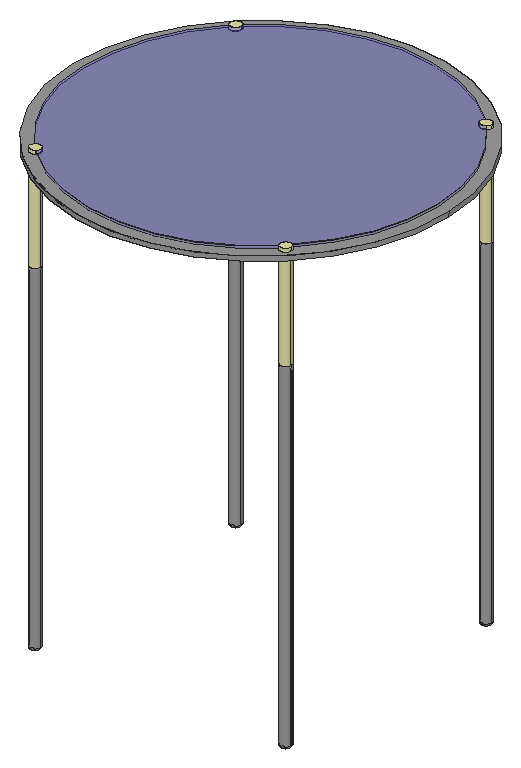
Revit family "ERA Table 42", category Arredi, Revit 2015
Parameters
  URL = "http://www.livingdivani.it"
  Modello = "ERA Table"
  Mat. Piano 2 = Vetro
  Mat. Piano 1 = Satinato
  Mat. Opaco = Liscia - Nero
  Mat. Metallico = Ottone
  Produttore = "LivingDivani"
  Codice Prodotto = "ERAV042R"
Reference planes (cm)
  plane 1 "Centro (Fronte/Retro)": y = 0
  plane 2: z = 0
  plane 3 "Centro (Sinistra/Destra)": x = 0
  plane 4 "laterale superiore": y = 13.9654
  plane 5 "sopra piano appoggio": z = 50
  plane 6 "sotto piano appoggio": z = 49.2
  plane 7 "laterale sx 1": x = -13.9654
  plane 8 "laterale dx 1": x = 13.9654
  plane 9 "laterale inferiore": y = -13.9654
Forms (cm)
  Extrusion 1, solid, material "Satinato" <- "Mat. Piano 1"
    sketch origin (0, 0, 49.2) x (-1, 0, 0) y (0, -1, 0)
      loop
        circle (0, 0) r 21
    from 0 to 0.5
  Extrusion 2, solid, material "Vetro" <- "Mat. Piano 2"
    sketch origin (0, 0, 50) x (-1, 0, 0) y (0, -1, 0)
      loop
        arc (14.4003, -13.5165) -> (19.75, 0) -> (14.4003, 13.5165) r 19.75
        arc (14.4003, 13.5165) -> (13.5234, 13.5234) -> (13.5165, 14.4003) r 0.625
        arc (13.5165, 14.4003) -> (0, 19.75) -> (-13.5165, 14.4003) r 19.75
        arc (-13.5165, 14.4003) -> (-13.5234, 13.5234) -> (-14.4003, 13.5165) r 0.625
        arc (-14.4003, 13.5165) -> (-19.75, 0) -> (-14.4003, -13.5165) r 19.75
        arc (-14.4003, -13.5165) -> (-13.5234, -13.5234) -> (-13.5165, -14.4003) r 0.625
        arc (-13.5165, -14.4003) -> (0, -19.75) -> (13.5165, -14.4003) r 19.75
        arc (13.5165, -14.4003) -> (13.5234, -13.5234) -> (14.4003, -13.5165) r 0.625
    from -0.3 to 0
Dimensions and locks (cm)
  aligned and locked: level to plane 2
Nested families (cm)
  nested 1: "piede tavolo" at (13.9654, 13.9654, 0), type "h 50cm"
  nested 2: "piede tavolo" at (-13.9654, 13.9654, 0), type "h 50cm"
  nested 3: "piede tavolo" at (-13.9654, -13.9654, 0), type "h 50cm"
  nested 4: "piede tavolo" at (13.9654, -13.9654, 0), type "h 50cm"
Definition of nested family "piede tavolo"
  Parameters (values of type "h 23cm")
    h3 = h0 - 0.3 cm  # 21.9 cm
    h2 = 10.9 cm
    h1 = h0 - h2 - 0.4 cm  # 10.9 cm
    h0 = h tot - 0.8 cm  # 22.2 cm
    h tot = 23 cm
    Mat. Opaco = none
    Mat. Metallico = none
  Types (5, lengths in cm): name | h3 | h1 | h0 | h tot
    (no name) | 21.9 | 10.9 | 22.2 | 23
    h 23cm | 21.9 | 10.9 | 22.2 | 23
    h 35cm | 33.9 | 22.9 | 34.2 | 35
    h 45cm | 43.9 | 32.9 | 44.2 | 45
    h 50cm | 48.9 | 37.9 | 49.2 | 50
  Reference planes (cm)
    plane 1 "Centro (Fronte/Retro)": y = 0
    plane 2: z = 0
    plane 3 "Centro (Sinistra/Destra)": x = 0
    plane 4 "sopra piano appoggio": z = 23
    plane 5 "sotto piano appoggio": z = 22.2
  Forms (cm)
    Extrusion 1, solid, material <- "Mat. Metallico"
      sketch origin (0, 58.75, 23) x (-1, 0, 0) y (0, -1, 0)
        loop
          circle (0, 58.75) r 0.6
      from -0.3 to 0
    Extrusion 2, solid, material <- "Mat. Metallico"
      sketch origin (0, 0, 22.2) x (-1, 0, 0) y (0, -1, 0)
        loop
          circle (0, 0) r 0.55
      from 0 to -21.9
    Extrusion 3, solid, material <- "Mat. Opaco"
      sketch origin (0, 58.75, 0) x (1, 0, 0) y (0, 1, 0)
        loop
          circle (0, -58.75) r 0.6
      from 0 to 0.3
    Revolve 4, void
      sketch origin (0, 58.75, 0) x (0, 1, 0) y (0, 0, 1)
        loop
          line (-59.35, 0) -> (-59.05, 0)
          arc (-59.05, 0) -> (-59.2621, 0.0879) -> (-59.35, 0.3) r 0.3
          line (-59.35, 0.3) -> (-59.35, 0)
        axis (-58.75, 0) -> (-58.75, 0.3)
      angle from 0 to 360
    Extrusion 5, solid, material <- "Mat. Opaco"
      sketch origin (0, 58.75, 0) x (1, 0, 0) y (0, 1, 0)
        loop
          circle (0, -58.75) r 0.6
        loop
          circle (0, -58.75) r 0.55
      from 0.3 to 11.2
    Extrusion 6, solid, material <- "Mat. Metallico"
      sketch origin (0, 58.75, 0) x (1, 0, 0) y (0, 1, 0)
        loop
          circle (0, -58.75) r 0.6
        loop
          circle (0, -58.75) r 0.55
      from 11.3 to 22.2
  Cuts and joins
    Revolve 4 cuts Extrusion 3
    joined: Extrusion 2, Extrusion 6
  Dimensions and locks (cm)
    "h tot": plane 4 "sopra piano appoggio" to level
    "h0": plane 5 "sotto piano appoggio" to level
    "h1": Extrusion 5 to Extrusion 5
    "h2": plane 5 "sotto piano appoggio" to Extrusion 6
    "h3": plane 5 "sotto piano appoggio" to Extrusion 2
    aligned and locked: level to plane 2
    aligned and locked: plane 4 "sopra piano appoggio" to Extrusion 1
    aligned and locked: plane 5 "sotto piano appoggio" to Extrusion 2
    aligned and locked: plane 5 "sotto piano appoggio" to Extrusion 6
  Automatic sketch dimensions
    plane 1 "Centro (Fronte/Retro)" to Extrusion 1 sketch curve = 0 cm
    Extrusion 1 sketch curve to plane 3 "Centro (Sinistra/Destra)" = 0 cm
    plane 1 "Centro (Fronte/Retro)" to Extrusion 2 sketch curve = 0 cm
    Extrusion 2 sketch curve to plane 3 "Centro (Sinistra/Destra)" = 0 cm
    plane 1 "Centro (Fronte/Retro)" to Extrusion 3 sketch curve = 0 cm
    Extrusion 3 sketch curve to plane 3 "Centro (Sinistra/Destra)" = 0 cm
    Revolve 4 sketch curve to level = 0 cm  (x2)
    Revolve 4 sketch curve to plane 1 "Centro (Fronte/Retro)" = 0 cm
    plane 1 "Centro (Fronte/Retro)" to Revolve 4 sketch curve = 0.3 cm
    Revolve 4 sketch curve to Revolve 4 sketch curve = 0.3 cm
    Revolve 4 sketch curve to Revolve 4 sketch curve = 0.5061 cm
    Extrusion 5 sketch curve to Extrusion 5 sketch curve = 0 cm  (x2)
    plane 1 "Centro (Fronte/Retro)" to Extrusion 5 sketch curve = 0 cm
    Extrusion 5 sketch curve to plane 3 "Centro (Sinistra/Destra)" = 0 cm
    Extrusion 6 sketch curve to Extrusion 6 sketch curve = 0 cm  (x2)
    plane 1 "Centro (Fronte/Retro)" to Extrusion 6 sketch curve = 0 cm
    Extrusion 6 sketch curve to plane 3 "Centro (Sinistra/Destra)" = 0 cm
    radius of Extrusion 1 sketch curve = 0.6 cm
    radius of Extrusion 2 sketch curve = 0.55 cm
    radius of Extrusion 3 sketch curve = 0.6 cm
    radius of Extrusion 5 sketch curve = 0.6 cm
    radius of Extrusion 5 sketch curve = 0.55 cm
    radius of Extrusion 6 sketch curve = 0.6 cm
    radius of Extrusion 6 sketch curve = 0.55 cm
